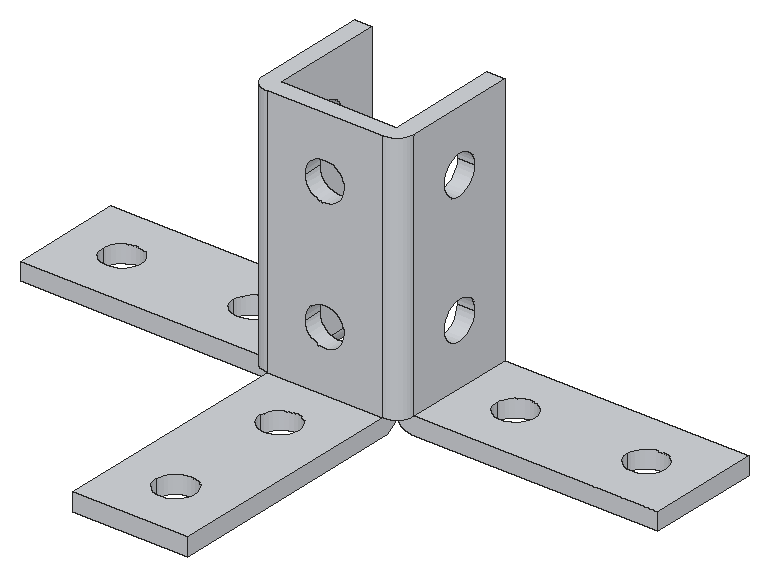
Revit family "Fitting-Wing_Shape-Unistrut-P2229", category Specialty Equipment, Revit 2012
Parameters (values of type "P2229")
  ecoScorecard_data = "http://products.ecoscorecard.com/atkore/P2229"
  ecoScorecard Product Page = "http://products.ecoscorecard.com/atkore/P2229?action=html"
  Weight Per Piece = 2.30 lbf
  Unit = none
  Unistrut Part Number = "P2229"  # constant formula
  URL = "http://unistrut.us/index.php"
  Thickness = 1/4"
  Subcategory = "Wing Shape Fittings"  # constant formula
  Product Page URL = "http://unistrut.us/index.php?WP=cat_detail&S=S05&P=P2229"
  Power Strut Part Number = "PS 669"  # constant formula
  Part Type = "Fitting"  # constant formula
  Overall Width = 9 5/32"
  Overall Length = 5 3/8"
  Overall Height = 3 7/8"
  Model = "P2229"
  Material = ""
  Manufacturer Phone - Toll Free = "800-882-5543"  # constant formula
  Manufacturer Phone = "708-339-1610"  # constant formula
  Manufacturer Fax = "708-339-7814"  # constant formula
  Manufacturer Email = "mailto:jshaw@atkore.com"
  Manufacturer Address = "16100 South Lathrop Avenue, Harvey, IL 60426"  # constant formula
  Manufacturer = "Unistrut by Atkore International"  # constant formula
  Load Capacity Note = "Visit the product page for load application and capacity."  # constant formula
  Literature URL = "http://unistrut.us/index.php?WP=LItLibrary"
  Hole Diameter = 9/16"
  Cost Info = "mailto:jshaw@atkore.com"
  CAD URL = "http://unistrut.us/index.php?WP=CAD3d"
  Assembly Code = "D5020100"
  95 CSI = "16070"  # constant formula
  04 CSI = "26 05 48"  # constant formula
Reference planes (in)
  plane 1 "Center (Front/Back)": y = 0
  plane 2: z = 0
  plane 3 "Center (Left/Right)": x = 0
  plane 4: z = 3.875
  plane 5: x = -4.57812
  plane 6: y = 2.6875
  plane 7: x = 4.57812
  plane 8: y = -2.6875
  plane 9: z = 0.25
  plane 10: x = -1.89062
  plane 11: y = 1.875
  plane 12: y = -1.875
  plane 13: x = -3.76562
  plane 14: x = 1.89062
  plane 15: x = 3.76562
  plane 16: z = 3
  plane 17: z = 1.125
Dimensions and locks (in)
  "Overall Height": plane 4 to plane 2
  equal spacing: plane 6, plane 1 "Center (Front/Back)", plane 8
  "Overall Length": plane 6 to plane 8
  equal spacing: plane 5, plane 3 "Center (Left/Right)", plane 7
  "Overall Width": plane 5 to plane 7
  nested 1 to nested 1 = 1 21/32"
  "Thickness": plane 9 to plane 2
  aligned and locked: level to plane 2
  aligned and locked: plane 2 to nested 1
Nested families (in)
  nested 1: "2229" at (0, 0.9375, 3.875) x (1, 0, 0) z (0, 0, -1), type "2229"
Definition of nested family "2229"
  Parameters (values of type "P2229")
    Width = 9 5/32"
    Unit = none
    Thickness = 1/4"
    Height = 3 7/8"
    Radiuis = Diameter / 2  # 9/32"
    Length = 5 3/8"
    Diameter = 9/16"
    Default Elevation = 0"
    Bolt Length [instance] = 1 1/2"
  Reference planes (in)
    plane 1 "Center (Front/Back)": y = 0
    plane 2: z = 0
    plane 3 "Center (Left/Right)": x = 0
    plane 4: z = 3.875
    plane 5: y = 1.75
    plane 6: y = -1.75
    plane 7: x = -4.57812
    plane 8: x = 4.57812
    plane 9: y = 0.125
    plane 10: x = 0.82813
    plane 11: x = -0.82812
    plane 12: z = 3.625
    plane 13: z = 0.875
    plane 14: y = 0.9375
    plane 15: y = -3.625
  Forms (in)
    Extrusion 1, solid, material <- "Unit"
      sketch origin (0, 0, 0) x (1, 0, 0) y (0, 1, 0)
        loop
          line (-0.82812, 1.75) -> (-1.07812, 1.75) -> (-1.07812, 0.125)
          arc (-1.07812, 0.125) -> (-1.0049, -0.05178) -> (-0.82813, -0.125) r 0.25
          line (-0.82813, -0.125) -> (0.82812, -0.125)
          arc (0.82812, -0.125) -> (1.0049, -0.05178) -> (1.07812, 0.125) r 0.25
          line (1.07812, 0.125) -> (1.07813, 1.75) -> (0.82813, 1.75) -> (0.82813, 0.125) -> (-0.82812, 0.125) -> (-0.82812, 1.75)
      from 0 to 3.625
    Extrusion 2, solid, material <- "Unit"
      sketch origin (0, 0, 0) x (1, 0, 0) y (0, 0, 1)
        loop
          line (0.82813, 3.625) -> (4.57812, 3.625) -> (4.57812, 3.875) -> (1.04554, 3.875)
          arc (1.04554, 3.875) -> (0.8918, 3.81132) -> (0.82813, 3.65759) r 0.21741
          line (0.82813, 3.65759) -> (0.82813, 3.625)
        loop
          line (-0.82812, 3.625) -> (-0.82813, 3.65759)
          arc (-0.82813, 3.65759) -> (-0.8918, 3.81132) -> (-1.04554, 3.875) r 0.21741
          line (-1.04554, 3.875) -> (-4.57812, 3.875) -> (-4.57812, 3.625) -> (-0.82812, 3.625)
      from -1.75 to -0.125
    Extrusion 3, solid, material <- "Unit"
      sketch origin (0, 0, 0) x (0, 1, 0) y (0, 0, 1)
        loop
          line (0.125, 3.625) -> (0.125, 3.65625)
          arc (0.125, 3.65625) -> (0.06093, 3.81093) -> (-0.09375, 3.875) r 0.21875
          line (-0.09375, 3.875) -> (-3.625, 3.875) -> (-3.625, 3.625) -> (0.125, 3.625)
      from -0.82812 to 0.82812
    Extrusion 4, void
      sketch origin (0, 0, 0) x (1, 0, 0) y (0, 0, 1)
        loop
          circle (0, 0.875) r 0.28125
        loop
          circle (0, 2.75) r 0.28125
      from -0.125 to 0.125
    Extrusion 5, void
      sketch origin (0, 0, 0) x (0, 1, 0) y (0, 0, 1)
        loop
          circle (0.9375, 0.875) r 0.28125
        loop
          circle (0.9375, 2.75) r 0.28125
      from -1.07812 to 1.07813
    Extrusion 6, void
      sketch origin (0, 0, 0) x (1, 0, 0) y (0, 1, 0)
        loop
          circle (3.76562, 0.9375) r 0.28125
        loop
          circle (1.89062, 0.9375) r 0.28125
        loop
          circle (-3.76562, 0.9375) r 0.28125
        loop
          circle (-1.89062, 0.9375) r 0.28125
        loop
          circle (0, -2.8125) r 0.28125
        loop
          circle (0, -0.9375) r 0.28125
      from 3.625 to 3.875
  Cuts and joins
    Extrusion 4, Extrusion 5, Extrusion 6 cuts Extrusion 1
    Extrusion 4, Extrusion 5, Extrusion 6 cuts Extrusion 2
    Extrusion 4, Extrusion 5, Extrusion 6 cuts Extrusion 3
    joined: Extrusion 1, Extrusion 2, Extrusion 3
  Dimensions and locks (in)
    "Height": plane 4 to plane 2
    equal spacing: plane 7, plane 3 "Center (Left/Right)", plane 8
    "Width": plane 7 to plane 8
    equal spacing: plane 11, plane 3 "Center (Left/Right)", plane 10
    plane 11 to plane 10 = 1 21/32"
    "Thickness": plane 4 to plane 12
    locked: plane 9 to plane 15 at 3.75
    locked: Extrusion 6 sketch curve to plane 8 at 0.8125
    locked: plane 10 to Extrusion 6 sketch curve at 1.0625
    locked: Extrusion 6 sketch curve to plane 11 at 1.0625
    locked: plane 7 to Extrusion 6 sketch curve at 0.8125
    locked: plane 15 to Extrusion 6 sketch curve at 0.8125
    locked: plane 9 to Extrusion 6 sketch curve at 1.0625
    locked: plane 12 to Extrusion 5 sketch curve at 0.875
    locked: plane 12 to Extrusion 4 sketch curve at 0.875
    "Length": plane 15 to plane 5
    "Radiuis": radius of Extrusion 4 sketch curve  (x2)
    "Radiuis": radius of Extrusion 5 sketch curve  (x2)
    "Radiuis": radius of Extrusion 6 sketch curve  (x6)
    aligned and locked: level to plane 2
    aligned and locked: Extrusion 1 sketch curve to plane 11
    aligned and locked: Extrusion 1 sketch curve to plane 9
    aligned and locked: Extrusion 1 sketch curve to plane 10
    aligned and locked: Extrusion 1 to plane 2
    aligned and locked: plane 12 to Extrusion 1
    aligned and locked: Extrusion 2 sketch curve to Extrusion 1
    aligned and locked: plane 4 to Extrusion 2 sketch curve
    aligned and locked: Extrusion 2 sketch curve to plane 8
    aligned and locked: plane 5 to Extrusion 2
    aligned and locked: plane 12 to Extrusion 2 sketch curve
    aligned and locked: plane 7 to Extrusion 2 sketch curve
    aligned and locked: Extrusion 2 sketch curve to plane 4
    aligned and locked: plane 4 to Extrusion 3 sketch curve
    aligned and locked: Extrusion 3 sketch curve to plane 12
    aligned and locked: Extrusion 2 to plane 9
    aligned and locked: plane 10 to Extrusion 3
    aligned and locked: Extrusion 3 to plane 11
    aligned and locked: Extrusion 1 sketch curve to plane 5
    aligned and locked: Extrusion 2 sketch curve to plane 10
    aligned and locked: Extrusion 2 sketch curve to plane 11
    aligned and locked: plane 9 to Extrusion 3 sketch curve
    aligned and locked: plane 3 "Center (Left/Right)" to Extrusion 4 sketch curve
    aligned and locked: Extrusion 1 to Extrusion 4  (x2)
    aligned and locked: plane 13 to Extrusion 5 sketch curve
    aligned and locked: Extrusion 1 to Extrusion 5  (x2)
    aligned and locked: plane 15 to Extrusion 3 sketch curve
    aligned and locked: Extrusion 6 to Extrusion 1
    aligned and locked: Extrusion 2 to Extrusion 6
  Automatic sketch dimensions
    plane 12 to Extrusion 2 sketch curve = 0.03259"  (x2)
    plane 12 to Extrusion 3 sketch curve = 1/32"
    Extrusion 1 sketch curve to plane 9 = 0"  (x2)
    Extrusion 1 sketch curve to plane 11 = 0"  (x2)
    Extrusion 1 sketch curve to plane 10 = 0"
    Extrusion 1 sketch curve to plane 5 = 0"
    Extrusion 1 sketch curve to plane 11 = 1/4"
    Extrusion 6 sketch curve to plane 3 "Center (Left/Right)" = 0"  (x2)
    plane 14 to Extrusion 6 sketch curve = 0"  (x4)
    Extrusion 5 sketch curve to plane 14 = 0"  (x2)
    Extrusion 4 sketch curve to plane 3 "Center (Left/Right)" = 0"
    Extrusion 4 sketch curve to plane 13 = 0"
